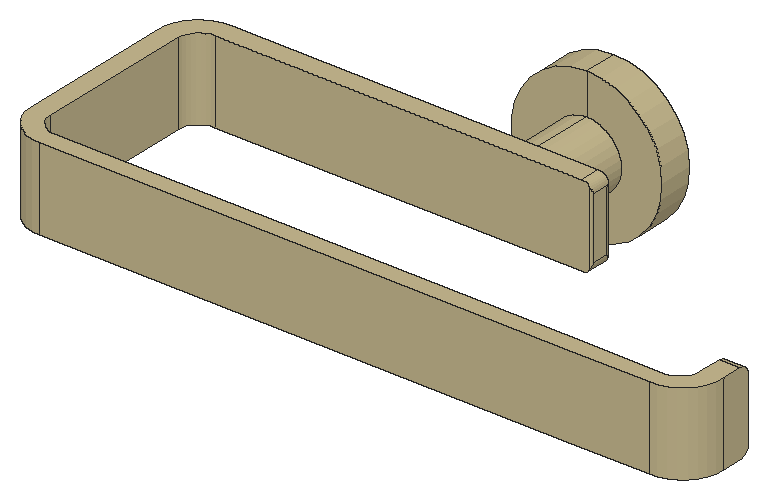
Revit family "Reece_Accessory_Milli_Marle Edit_Guest Towel Holder", category Plumbing Fixtures, Revit 2018
Family settings
  Round Connector Dimension = Use Diameter
  Part Type = Normal
  Work Plane-Based = Yes
  Always vertical = Yes
  Cut with Voids When Loaded = Yes
  Shared = Yes
  Room Calculation Point = Yes
Parameters (values of type "Brushed Gold")
  URL = "https://www.reece.com.au/product/-9510631"
  Type Comments = "Accessory"
  Reece_Product_Web Page = "https://www.reece.com.au/product/-9510631"
  Reece_Product_Type = "Accessory"  # constant formula
  Reece_Product_Sub Brand = "Marle Edit"  # constant formula
  Reece_Product_Number = "9510631"
  Reece_Product_Mount = "Wall Mounted"
  Reece_Product_Description = "Milli Marle Edit Guest Towel Holder Brushed Gold"
  Reece_Product_Brand = "Milli"  # constant formula
  Reece_Overall_Width = 70 mm  # constant formula
  Reece_Overall_Projection = 100 mm  # constant formula
  Reece_Overall_Height = 202 mm  # constant formula
  Reece_Material_Main = Reece_Brass_Brushed Gold
  Reece_Height_From_Level = 800 mm
  Reece_Detail_Shape = ""
  Reece_Detail_Installation = ""
  Reece_Detail_Disclaimer = "THIS FILE IS THE PROPERTY OF THE REECE GROUP. IT MAY NOT BE REPRODUCED, REVERSE-ENGINEERED OR MODIFIED. ANY REPUBLICATION, TRANSMISSION OR DISTRIBUTION FOR THE PURPOSE OF COMMERCIALLY EXPLOITING THE FILES IS PROHIBITED."  # constant formula
  Reece_Detail_Connector = ""
  Reece_Detail_Additional = "Guest Towel Holder"  # constant formula
  Model = "Marle Edit"
  Manufacturer = "Milli"
  Keynote = "Product #9510631, Reece_Accessory_Milli_Marle Edit_Guest Towel Holder - Brushed Gold"
  Disclaimer = "THIS FILE IS THE PROPERTY OF THE REECE GROUP. IT MAY NOT BE REPRODUCED, REVERSE-ENGINEERED OR MODIFIED. ANY REPUBLICATION, TRANSMISSION OR DISTRIBUTION FOR THE PURPOSE OF COMMERCIALLY EXPLOITING THE FILES IS PROHIBITED."  # constant formula
  Description = "Milli Marle Edit Guest Towel Holder Brushed Gold"
  Default Elevation = 0 mm
Types (6, lengths in mm): name | URL | Reece_Product_Web Page | Reece_Product_Number | Reece_Product_Description | Reece_Material_Main | Keynote | Description
  (no name) | "https://www.reece.com.au/product/-9510631" | "https://www.reece.com.au/product/-9510631" | "9510631" | "Milli Marle Edit Guest Towel Holder Brushed Gold" | Reece_Brass_Brushed Gold | "Product #9510631, Reece_Accessory_Milli_Marle Edit_Guest Towel Holder -  " | "Milli Marle Edit Guest Towel Holder Brushed Gold"
  Brushed Gold | "https://www.reece.com.au/product/-9510631" | "https://www.reece.com.au/product/-9510631" | "9510631" | "Milli Marle Edit Guest Towel Holder Brushed Gold" | Reece_Brass_Brushed Gold | "Product #9510631, Reece_Accessory_Milli_Marle Edit_Guest Towel Holder - Brushed Gold" | "Milli Marle Edit Guest Towel Holder Brushed Gold"
  Brushed Gunmetal | "https://www.reece.com.au/product/-9510640" | "https://www.reece.com.au/product/-9510640" | "9510640" | "Milli Marle Edit Guest Towel Holder Brushed Gunmetal" | Reece_Brass_Brushed Gunmetal | "Product #9510640, Reece_Accessory_Milli_Marle Edit_Guest Towel Holder - Brushed Gunmetal" | "Milli Marle Edit Guest Towel Holder Brushed Gunmetal"
  Brushed Nickel | "https://www.reece.com.au/product/-9510545" | "https://www.reece.com.au/product/-9510545" | "9510545" | "Milli Marle Edit Guest Towel Holder Brushed Nickel" | Reece_Brass_Brushed Nickel | "Product #9510545, Reece_Accessory_Milli_Marle Edit_Guest Towel Holder - Brushed Nickel" | "Milli Marle Edit Guest Towel Holder Brushed Nickel"
  Chrome | "https://www.reece.com.au/product/-9511273" | "https://www.reece.com.au/product/-9511273" | "9511273" | "Milli Marle Edit Guest Towel Holder Chrome" | Reece_Brass_Chrome | "Product #9511273, Reece_Accessory_Milli_Marle Edit_Guest Towel Holder - Chrome" | "Milli Marle Edit Guest Towel Holder Chrome"
  Matte Black | "https://www.reece.com.au/product/-9511281" | "https://www.reece.com.au/product/-9511281" | "9511281" | "Milli Marle Edit Guest Towel Holder Matte Black" | Reece_Brass_Matte Black | "Product #9511281, Reece_Accessory_Milli_Marle Edit_Guest Towel Holder - Matte Black" | "Milli Marle Edit Guest Towel Holder Matte Black"
Reference planes
  plane 1 "Center (Front/Back)": y = 0
  plane 2 "Bottom Host Plane": z = -5
  plane 3 "Center (Left/Right)": x = 0
  plane 4 "Fixing Point": z = 800
  plane 5: y = -30.047
  plane 6: y = -100.047
  plane 7: y = -79.047
  plane 8: x = -99.49
  plane 9: x = 102.51
Forms (mm)
  Revolve 1, solid, material "Reece_Brass_Brushed Gold" <- "Reece_Material_Main"
    sketch origin (0, 0, 0) x (0, 1, 0) y (0, 0, 1)
      loop
        line (0, 822) -> (-9.859, 822) -> (-9.859, 810.018) -> (-32.04, 810.018) -> (-32.04, 800) -> (0, 800) -> (0, 822)
      axis (0, 800) -> (-32.04, 800)
    angle from 0 to 360
Lines and regions (mm)
  model lines, style "InvisibleLines"
    curve 1: line (0, 0, 800) -> (0, 0, -5)
Text (mm)
  text "Reece ©" at (2471.643, -2319.372, 3225.798), in view "Reece Preview"
  text "Reece Copyright © 2018, Reece Ltd." at (-404.36, -409.307, 0), in view "Ref. Level"
Dimensions and locks
  locked: level to plane 2 "Bottom Host Plane" at 5
  "Reece_Height_From_Level": plane 4 "Fixing Point" to level
  plane 4 "Fixing Point" to level = 800 mm
  "Reece_Overall_Width": plane 6 to plane 5
  "Reece_Overall_Height": plane 8 to plane 9
  plane 9 to plane 8 = 202 mm
  level to plane 4 "Fixing Point" = 800 mm
  Revolve 1 sketch curve to Revolve 1 sketch curve to plane 4 "Fixing Point" to Revolve 1 sketch curve = 11.982 mm locked, 10.018 mm locked, 0 mm locked
  aligned and locked: plane 4 "Fixing Point" to curve 1
  aligned and locked: plane 2 "Bottom Host Plane" to curve 1
  aligned and locked: curve 1 to plane 3 "Center (Left/Right)"
Automatic sketch dimensions
  Revolve 1 sketch curve to plane 4 "Fixing Point" = 0 mm
  Revolve 1 sketch curve to plane 1 "Center (Front/Back)" = 0 mm
  plane 1 "Center (Front/Back)" to Revolve 1 sketch curve = 9.859 mm
  plane 5 to Revolve 1 sketch curve = 1.992 mm
  plane 7 to Revolve 1 sketch curve = 13.19 mm
  Revolve 1 sketch curve to plane 1 "Center (Front/Back)" = 39.143 mm
Nested families
  nested 1: "Reece_Accessory_Milli_Axon MK2_Guest Towel Holder_Nested" at (0, 0, 800), Reece_Material_Main <- "Reece_Material_Main", type "Brushed Gold"
    with Reece_Material_Main Reece_Brass_Brushed Gold
Definition of nested family "Reece_Accessory_Milli_Axon MK2_Guest Towel Holder_Nested"
  Parameters (values of type "Brushed Gold")
    Waste Connection = no
    WFU = 0
    Vent Connection = no
    URL = ""
    Type Comments = ""
    Reece_Material_Main [instance] = none
    Model = ""
    Manufacturer = ""
    Keynote = ""
    HWFU = 0
    HW Connection = no
    Description = ""
    Default Elevation = 0 mm
    Cost = 0
    CWFU = 0
    CW Connection = no
    Assembly Code = ""
  Reference planes
    plane 1 "Center (Front/Back)": y = 0
    plane 2 "Bottom Host Plane": z = -5
    plane 3 "Center (Left/Right)": x = 0
    plane 4: z = 0
    plane 5: y = -30.047
    plane 6: y = -100.047
    plane 7: y = -79.047
    plane 8: x = -99.49
    plane 9: x = 102.51
    plane 10: z = 10.018
    plane 11: z = -10.018
  Forms (mm)
    Extrusion 1, solid, material <- "Reece_Material_Main"
      sketch origin (0, 424.556, 0) x (0, 1, 0) y (-1, 0, 0)
        loop
          line (-454.604, -21.988) -> (-454.604, 87.556)
          arc (-454.604, 87.556) -> (-458.099, 95.995) -> (-466.538, 99.49) r 11.934
          line (-466.538, 99.49) -> (-512.532, 99.49)
          arc (-512.532, 99.49) -> (-521.068, 95.954) -> (-524.603, 87.418) r 12.071
          line (-524.603, 87.418) -> (-524.603, -90.48)
          arc (-524.603, -90.48) -> (-521.08, -98.986) -> (-512.574, -102.509) r 12.029
          line (-512.574, -102.509) -> (-499.103, -102.509)
          arc (-499.103, -102.509) -> (-498.749, -102.363) -> (-498.603, -102.009) r 0.5
          line (-498.603, -102.009) -> (-498.603, -96.997)
          arc (-498.603, -96.997) -> (-498.749, -96.643) -> (-499.103, -96.497) r 0.5
          line (-499.103, -96.497) -> (-513.275, -96.497)
          arc (-513.275, -96.497) -> (-517.55, -94.726) -> (-519.321, -90.451) r 6.046
          line (-519.321, -90.451) -> (-519.321, 87.53)
          arc (-519.321, 87.53) -> (-517.566, 91.766) -> (-513.33, 93.521) r 5.991
          line (-513.33, 93.521) -> (-466.591, 93.521)
          arc (-466.591, 93.521) -> (-462.365, 91.77) -> (-460.615, 87.544) r 5.977
          line (-460.615, 87.544) -> (-460.615, -21.988)
          arc (-460.615, -21.988) -> (-460.468, -22.342) -> (-460.115, -22.488) r 0.5
          line (-460.115, -22.488) -> (-455.104, -22.488)
          arc (-455.104, -22.488) -> (-454.75, -22.342) -> (-454.604, -21.988) r 0.5
      from -11.998 to 12.008
    Extrusion 2, void
      sketch origin (0, 0.5, -800) x (0, 1, 0) y (0, 0, 1)
        loop
          line (-102.047, 788.002) -> (-102.047, 785.965) -> (-74.047, 785.965) -> (-74.047, 814.526) -> (-106.102, 814.526) -> (-106.102, 812.008) -> (-82.547, 812.008)
          arc (-82.547, 812.008) -> (-80.426, 811.129) -> (-79.547, 809.008) r 3
          line (-79.547, 809.008) -> (-79.547, 791.002)
          arc (-79.547, 791.002) -> (-80.426, 788.88) -> (-82.547, 788.002) r 3
          line (-82.547, 788.002) -> (-102.047, 788.002)
      from 67.922 to 118.712
    Extrusion 3, void
      sketch origin (0, 0, -800) x (1, 0, 0) y (0, 0, 1)
        loop
          line (27.706, 812.008) -> (19.488, 812.008)
          arc (19.488, 812.008) -> (21.609, 811.129) -> (22.488, 809.008) r 3
          line (22.488, 809.008) -> (22.488, 791.002)
          arc (22.488, 791.002) -> (21.609, 788.88) -> (19.488, 788.002) r 3
          line (19.488, 788.002) -> (27.706, 788.002) -> (27.706, 812.008)
      from 24.229 to 47.098
  Cuts and joins
    Extrusion 2, Extrusion 3 cuts Extrusion 1
  Text (mm)
    text "Reece ©" at (2732, -2627.111, 2657.701), in view "Reece Preview"
    text "Reece Copyright © 2018, Reece Ltd." at (84.746, -334.389, 0), in view "Ref. Level"
